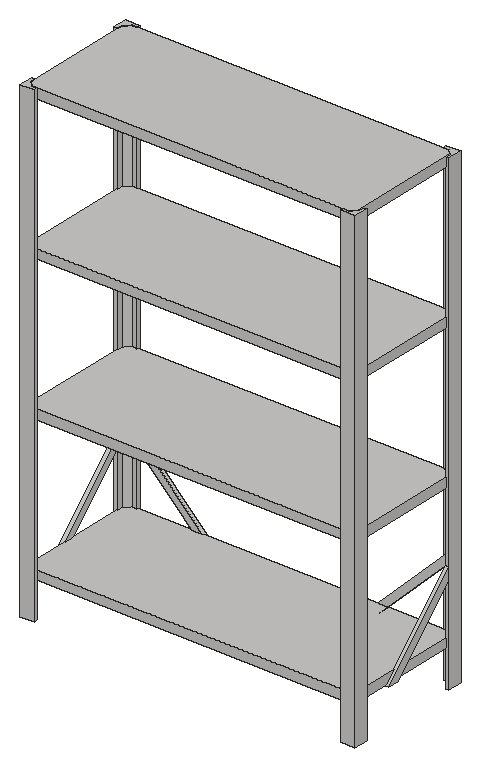
Revit family "QF_ZANUSSI_132947_NSC1370", category Attrezzature speciali, Revit 2020
Family settings
  Quota connettore circolare = Usa diametro
  Tipo di parte = Normale
  Basato su piano di lavoro = No
  Sempre verticale = Sì
  Taglio con vuoti quando caricato = No
  Condiviso = No
  Punto di calcolo locali = No
Parameters (values of type "Standard")
  Weight = 41.00 kg
  Watts = 0 W
  Volts = 0 V
  URL Manufacturer = "http://www.zanussiprofessional.com"
  URL = "http://www.zanussiprofessional.com"
  Steam Supply Size = 0 mm
  Steam Supply Minimum Pressure = 0.0 Pa
  Steam Supply Maximum Pressure = 0.0 Pa
  Steam Consumption per Hour = 0
  Refrigeration Suction Line Size = 0.0 mm
  Refrigeration Liquid Line Size = 0.0 mm
  Refrigerant Compressor Remote = yes
  Prospetto di default = 0.0 mm
  Phase = 0
  Modello = "NSC1370"
  Produttore = "Zanussi"
  Length Actual = 1400.0 mm  # constant formula
  Item Number = "132947"
  Hot Water Size = 0 mm
  Height Actual = 1990.0 mm  # constant formula
  HP = "0 HP"
  Gas Size = 0 mm
  Gas KW = 0
  Gas Input Pressure = 0 W
  Direct Waste Size = 0 mm
  Descrizione = "S/S SHELVING WITH 4 SOLID SHELVES, 1370MM"
  Depth Actual = 550.0 mm  # constant formula
  Cycle = 0 Hz
  Condensate Return Size = 0 mm
  Compressed Air Volume = 0.0 L/s
  Compressed Air Size = 0 mm
  Compressed Air Pressure = 0.0 Pa
  Cold Water Size = 0 mm
  Accessory = yes
Reference planes
  plane 1 "Center (Front/Back)": y = 0
  plane 2: z = 0
  plane 3 "Center (Left/Right)": x = 0
  plane 4 "LEFT": x = -700
  plane 5 "RIGHT": x = 700
  plane 6 "BACK": y = 275
  plane 7 "FRONT": y = -275
  plane 8 "L1": z = 190
  plane 9 "TOP": z = 1990
  plane 10 "L2": z = 790
  plane 11 "L3": z = 1390
  plane 12: x = 640
  plane 13: y = -215
  plane 14: y = 215
  plane 15: x = -640
Forms (mm)
  Extrusion 1, solid, material "QF_Finishes_Stainless Steel"
    sketch origin (0, 0, 0) x (1, 0, 0) y (0, 1, 0)
      loop
        line (-700, 275) -> (-700, 215) -> (-685, 215) -> (-685, 237.5) -> (-662.5, 260) -> (-640, 260) -> (-640, 275) -> (-700, 275)
      loop
        line (-700, -275) -> (-640, -275) -> (-640, -260) -> (-662.5, -260) -> (-685, -237.5) -> (-685, -215) -> (-700, -215) -> (-700, -275)
    from 0 to 1990
  Extrusion 2, solid, material "QF_Finishes_Stainless Steel"
    sketch origin (0, 0, 1990) x (0, 1, 0) y (-1, 0, 0)
      loop
        line (-237.5, 685) -> (-260, 662.5) -> (-260, -662.5) -> (-237.5, -685) -> (237.5, -685) -> (260, -662.5) -> (260, 662.5) -> (237.5, 685) -> (-237.5, 685)
    from 0 to -40
  Extrusion 3, solid, material "QF_Finishes_Stainless Steel"
    sketch origin (0, 275, 0) x (1, 0, 0) y (0, 0, -1)
      loop
        line (370.026, -150) -> (327.6, -150) -> (657.678, -480.078) -> (678.891, -458.864) -> (370.026, -150)
    from 0 to -15
  Extrusion 4, solid, material "QF_Finishes_Stainless Steel"
    sketch origin (-700, 0, 0) x (0, 1, 0) y (0, 0, 1)
      loop
        line (-54.974, 150) -> (253.891, 458.864) -> (232.678, 480.078) -> (-97.4, 150) -> (-54.974, 150)
    from 0 to 15
  Extrusion 5, solid, material "QF_Finishes_Stainless Steel"
    sketch origin (700, 0, 0) x (0, 1, 0) y (0, 0, 1)
      loop
        line (-54.974, 150) -> (253.891, 458.864) -> (232.678, 480.078) -> (-97.4, 150) -> (-54.974, 150)
    from 0 to -15
  Extrusion 6, solid, material "QF_Finishes_Stainless Steel"
    sketch origin (0, 0, 0) x (-1, 0, 0) y (0, -1, 0)
      loop
        line (-700, -275) -> (-640, -275) -> (-640, -260) -> (-662.5, -260) -> (-685, -237.5) -> (-685, -215) -> (-700, -215) -> (-700, -275)
      loop
        line (-700, 275) -> (-700, 215) -> (-685, 215) -> (-685, 237.5) -> (-662.5, 260) -> (-640, 260) -> (-640, 275) -> (-700, 275)
    from 0 to 1990
  Extrusion 7, solid, material "QF_Finishes_Stainless Steel"
    sketch origin (0, 0, 190) x (0, 1, 0) y (-1, 0, 0)
      loop
        line (-237.5, 685) -> (-260, 662.5) -> (-260, -662.5) -> (-237.5, -685) -> (237.5, -685) -> (260, -662.5) -> (260, 662.5) -> (237.5, 685) -> (-237.5, 685)
    from 0 to -40
  Extrusion 8, solid, material "QF_Finishes_Stainless Steel"
    sketch origin (0, 0, 790) x (0, 1, 0) y (-1, 0, 0)
      loop
        line (-237.5, 685) -> (-260, 662.5) -> (-260, -662.5) -> (-237.5, -685) -> (237.5, -685) -> (260, -662.5) -> (260, 662.5) -> (237.5, 685) -> (-237.5, 685)
    from 0 to -40
  Extrusion 9, solid, material "QF_Finishes_Stainless Steel"
    sketch origin (0, 0, 1390) x (0, 1, 0) y (-1, 0, 0)
      loop
        line (-237.5, 685) -> (-260, 662.5) -> (-260, -662.5) -> (-237.5, -685) -> (237.5, -685) -> (260, -662.5) -> (260, 662.5) -> (237.5, 685) -> (-237.5, 685)
    from 0 to -40
  Extrusion 10, solid, material "QF_Finishes_Stainless Steel"
    sketch origin (0, 275, 0) x (-1, 0, 0) y (0, 0, 1)
      loop
        line (370.026, 150) -> (678.891, 458.864) -> (657.678, 480.078) -> (327.6, 150) -> (370.026, 150)
    from 0 to -15
Cuts and joins
  joined: Extrusion 1, Extrusion 3, Extrusion 4, Extrusion 5
Lines and regions (mm)
  symbolic lines
    curve 1: line (-700, 215, 190) -> (-700, 275, 190)
    curve 2: line (-700, 275, 190) -> (-640, 275, 190)
    curve 3: line (-640, 275, 190) -> (-640, 260, 190)
    curve 4: line (-640, 260, 190) -> (-662.5, 260, 190)
    curve 5: line (-662.5, 260, 190) -> (-685, 237.5, 190)
    curve 6: line (-685, 237.5, 190) -> (-685, 215, 190)
    curve 7: line (-685, 215, 190) -> (-700, 215, 190)
    curve 8: line (-700, -215, 190) -> (-685, -215, 190)
    curve 9: line (-685, -215, 190) -> (-685, -237.5, 190)
    curve 10: line (-685, -237.5, 190) -> (-662.5, -260, 190)
    curve 11: line (-662.5, -260, 190) -> (-640, -260, 190)
    curve 12: line (-640, -260, 190) -> (-640, -275, 190)
    curve 13: line (-640, -275, 190) -> (-700, -275, 190)
    curve 14: line (-700, -275, 190) -> (-700, -215, 190)
    curve 15: line (640, -275, 190) -> (700, -275, 190)
    curve 16: line (700, -275, 190) -> (700, -215, 190)
    curve 17: line (700, -215, 190) -> (685, -215, 190)
    curve 18: line (685, -215, 190) -> (685, -237.5, 190)
    curve 19: line (685, -237.5, 190) -> (662.5, -260, 190)
    curve 20: line (662.5, -260, 190) -> (640, -260, 190)
    curve 21: line (640, -260, 190) -> (640, -275, 190)
    curve 22: line (640, 275, 190) -> (640, 260, 190)
    curve 23: line (640, 260, 190) -> (662.5, 260, 190)
    curve 24: line (662.5, 260, 190) -> (685, 237.5, 190)
    curve 25: line (685, 237.5, 190) -> (685, 215, 190)
    curve 26: line (685, 215, 190) -> (700, 215, 190)
    curve 27: line (700, 215, 190) -> (700, 275, 190)
    curve 28: line (700, 275, 190) -> (640, 275, 190)
    curve 29: line (-640, 260, 190) -> (640, 260, 190)
    curve 30: line (685, 215, 190) -> (685, -215, 190)
    curve 31: line (640, -260, 190) -> (-640, -260, 190)
    curve 32: line (-685, -215, 190) -> (-685, 215, 190)
    curve 33: line (-700, -275, 190) -> (700, 275, 190)
Dimensions and locks
  plane 4 "LEFT" to plane 5 "RIGHT" = 1400.0 mm
  equal spacing: plane 4 "LEFT", plane 3 "Center (Left/Right)", plane 5 "RIGHT"
  equal spacing: plane 6 "BACK", plane 1 "Center (Front/Back)", plane 7 "FRONT"
  plane 6 "BACK" to plane 7 "FRONT" = 550.0 mm
  locked: plane 8 "L1" to level at 190
  locked: plane 9 "TOP" to level at 1990
  plane 9 "TOP" to plane 11 "L3" to plane 10 "L2" to plane 8 "L1" = 600.0 mm, 600.0 mm, 600.0 mm
  locked: cut or joined group of Extrusion 1, Extrusion 3, Extrusion 4, Extrusion 5 to cut or joined group of Extrusion 1, Extrusion 3, Extrusion 4, Extrusion 5 at 30
  locked: plane 5 "RIGHT" to Extrusion 3 sketch curve at 329.974
  locked: plane 6 "BACK" to plane 14 at 60
  locked: plane 13 to plane 7 "FRONT" at 60
  locked: plane 15 to plane 4 "LEFT" at 60
  locked: plane 5 "RIGHT" to plane 12 at 60
  locked: plane 8 "L1" to cut or joined group of Extrusion 1, Extrusion 3, Extrusion 4, Extrusion 5 (angle 45.00°)
  aligned and locked: level to plane 2
  aligned and locked: plane 4 "LEFT" to cut or joined group of Extrusion 1, Extrusion 3, Extrusion 4, Extrusion 5
  aligned and locked: cut or joined group of Extrusion 1, Extrusion 3, Extrusion 4, Extrusion 5 to plane 15
Automatic sketch dimensions
  Extrusion 1 sketch curve to plane 4 "LEFT" = 0.0 mm  (x2)
  Extrusion 1 sketch curve to plane 13 = 0.0 mm
  Extrusion 1 sketch curve to plane 14 = 0.0 mm
  Extrusion 1 sketch curve to plane 15 = 0.0 mm  (x2)
  Extrusion 1 sketch curve to plane 6 "BACK" = 0.0 mm
  Extrusion 1 sketch curve to plane 7 "FRONT" = 0.0 mm
  plane 4 "LEFT" to Extrusion 1 sketch curve = 15.0 mm  (x2)
  plane 15 to Extrusion 1 sketch curve = 22.5 mm  (x2)
  plane 7 "FRONT" to Extrusion 1 sketch curve = 15.0 mm
  Extrusion 1 sketch curve to Extrusion 1 sketch curve = 22.5 mm
  plane 14 to Extrusion 1 sketch curve = 22.5 mm
  Extrusion 1 sketch curve to Extrusion 1 sketch curve = 15.0 mm
  plane 7 "FRONT" to Extrusion 2 sketch curve = 15.0 mm
  Extrusion 2 sketch curve to plane 13 = 22.5 mm  (x2)
  plane 14 to Extrusion 2 sketch curve = 22.5 mm  (x2)
  Extrusion 2 sketch curve to plane 6 "BACK" = 15.0 mm
  Extrusion 2 sketch curve to plane 5 "RIGHT" = 15.0 mm
  Extrusion 2 sketch curve to plane 12 = 22.5 mm  (x2)
  plane 15 to Extrusion 2 sketch curve = 22.5 mm  (x2)
  plane 4 "LEFT" to Extrusion 2 sketch curve = 15.0 mm
  plane 8 "L1" to Extrusion 3 sketch curve = 40.0 mm
  Extrusion 3 sketch curve to Extrusion 3 sketch curve = 42.426 mm
  plane 12 to Extrusion 3 sketch curve = 17.678 mm
  plane 5 "RIGHT" to Extrusion 3 sketch curve = 21.109 mm
  Extrusion 4 sketch curve to plane 8 "L1" = 40.0 mm
  plane 1 "Center (Front/Back)" to Extrusion 4 sketch curve = 97.4 mm
  Extrusion 4 sketch curve to Extrusion 4 sketch curve = 42.426 mm
  plane 14 to Extrusion 4 sketch curve = 17.678 mm
  Extrusion 4 sketch curve to plane 6 "BACK" = 21.109 mm
  Extrusion 5 sketch curve to plane 8 "L1" = 40.0 mm
  plane 1 "Center (Front/Back)" to Extrusion 5 sketch curve = 97.4 mm
  Extrusion 5 sketch curve to Extrusion 5 sketch curve = 42.426 mm
  plane 14 to Extrusion 5 sketch curve = 17.678 mm
  Extrusion 5 sketch curve to plane 6 "BACK" = 21.109 mm
  Extrusion 6 sketch curve to plane 5 "RIGHT" = 0.0 mm  (x2)
  plane 13 to Extrusion 6 sketch curve = 0.0 mm
  plane 14 to Extrusion 6 sketch curve = 0.0 mm
  Extrusion 6 sketch curve to plane 12 = 0.0 mm  (x2)
  Extrusion 6 sketch curve to plane 6 "BACK" = 0.0 mm
  plane 7 "FRONT" to Extrusion 6 sketch curve = 0.0 mm
  plane 5 "RIGHT" to Extrusion 6 sketch curve = 15.0 mm  (x2)
  plane 12 to Extrusion 6 sketch curve = 22.5 mm  (x2)
  Extrusion 6 sketch curve to plane 7 "FRONT" = 15.0 mm
  plane 13 to Extrusion 6 sketch curve = 22.5 mm
  Extrusion 6 sketch curve to Extrusion 6 sketch curve = 22.5 mm
  plane 6 "BACK" to Extrusion 6 sketch curve = 15.0 mm
  plane 7 "FRONT" to Extrusion 7 sketch curve = 15.0 mm
  Extrusion 7 sketch curve to plane 13 = 22.5 mm  (x2)
  plane 14 to Extrusion 7 sketch curve = 22.5 mm  (x2)
  Extrusion 7 sketch curve to plane 6 "BACK" = 15.0 mm
  Extrusion 7 sketch curve to plane 5 "RIGHT" = 15.0 mm
  Extrusion 7 sketch curve to plane 12 = 22.5 mm  (x2)
  plane 15 to Extrusion 7 sketch curve = 22.5 mm  (x2)
  plane 4 "LEFT" to Extrusion 7 sketch curve = 15.0 mm
  plane 7 "FRONT" to Extrusion 8 sketch curve = 15.0 mm
  Extrusion 8 sketch curve to plane 13 = 22.5 mm  (x2)
  plane 14 to Extrusion 8 sketch curve = 22.5 mm  (x2)
  Extrusion 8 sketch curve to plane 6 "BACK" = 15.0 mm
  Extrusion 8 sketch curve to plane 5 "RIGHT" = 15.0 mm
  Extrusion 8 sketch curve to plane 12 = 22.5 mm  (x2)
  plane 15 to Extrusion 8 sketch curve = 22.5 mm  (x2)
  plane 4 "LEFT" to Extrusion 8 sketch curve = 15.0 mm
  plane 7 "FRONT" to Extrusion 9 sketch curve = 15.0 mm
  Extrusion 9 sketch curve to plane 13 = 22.5 mm  (x2)
  plane 14 to Extrusion 9 sketch curve = 22.5 mm  (x2)
  Extrusion 9 sketch curve to plane 6 "BACK" = 15.0 mm
  Extrusion 9 sketch curve to plane 5 "RIGHT" = 15.0 mm
  Extrusion 9 sketch curve to plane 12 = 22.5 mm  (x2)
  plane 15 to Extrusion 9 sketch curve = 22.5 mm  (x2)
  plane 4 "LEFT" to Extrusion 9 sketch curve = 15.0 mm
  curve 21 to plane 7 "FRONT" = 0.0 mm
  curve 33 to plane 4 "LEFT" = 0.0 mm
  curve 33 to plane 7 "FRONT" = 0.0 mm
  curve 31 to plane 12 = 0.0 mm
  curve 31 to plane 15 = 0.0 mm
  curve 8 to plane 13 = 0.0 mm
  plane 13 to curve 30 = 0.0 mm
  curve 1 to plane 4 "LEFT" = 0.0 mm
  curve 1 to plane 14 = 0.0 mm
  curve 26 to plane 5 "RIGHT" = 0.0 mm
  plane 14 to curve 26 = 0.0 mm
  curve 4 to plane 15 = 0.0 mm
  curve 23 to plane 12 = 0.0 mm
  plane 6 "BACK" to curve 27 = 0.0 mm
  curve 3 to plane 6 "BACK" = 0.0 mm
  curve 16 to plane 5 "RIGHT" = 0.0 mm
  curve 15 to curve 31 = 15.0 mm
  curve 10 to plane 13 = 22.5 mm
  curve 19 to plane 13 = 22.5 mm
  curve 25 to curve 24 = 22.5 mm
  curve 6 to curve 6 = 22.5 mm
  curve 23 to plane 6 "BACK" = 15.0 mm
  curve 26 to curve 25 = 15.0 mm
  curve 24 to curve 22 = 22.5 mm
  curve 20 to curve 20 = 22.5 mm
  plane 15 to curve 4 = 22.5 mm
  plane 15 to curve 11 = 22.5 mm
  plane 4 "LEFT" to curve 6 = 15.0 mm
  Extrusion 10 sketch curve to plane 8 "L1" = 40.0 mm
  Extrusion 10 sketch curve to plane 15 = 312.4 mm
  Extrusion 10 sketch curve to Extrusion 10 sketch curve = 42.426 mm
  plane 15 to Extrusion 10 sketch curve = 17.678 mm
  plane 4 "LEFT" to Extrusion 10 sketch curve = 21.109 mm
